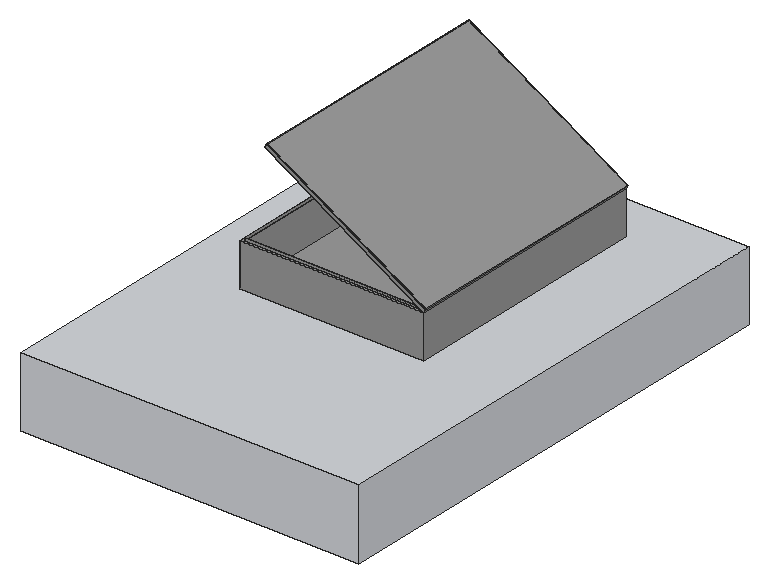
Revit family "Hager-Univers-IP54-D205-H1100-Cl.II-Encl-CH-de", category Equipement électrique, Revit 2020
Family settings
  Hôte = Face
  Configuration du panneau = Deux colonnes, circuits au sein
  Cote de connecteur circulaire = Utiliser le diamètre
  Type d'élément = Tableau de raccordement
  Couper avec des vides une fois chargée = Non
  Partagée = Non
  Point de calcul de pièce = Non
Parameters (values of type "Aufputz IP54 B800 H1100 T205  - FP73QSW")
  Width Control [instance] = if([EF000008 - Breite] > Min Width, [EF000008 - Breite], Min Width)  # 800 mm
  Commentaires du type = [HG000003 - Bereich]  # "Univers"
  Thickness Door [instance] = if([EF009171 - Materialstärke Tür/Deckel] > 3 mm, 3 mm, [EF009171 - Materialstärke Tür/Deckel])  # 1 mm
  Seal Frame Offset [instance] = 17 mm  # constant formula
  Plinth Visibility [instance] = [HG000027 - Sockelhöhe] > 0 mm  # no
  Model = ""
  Min Width [instance] = 100 mm  # constant formula
  Min Height [instance] = 100 mm  # constant formula
  Min Depth [instance] = (2 * [EF009170 - Materialstärke Gehäuse]) + 1 mm  # 3 mm
  Internal Frame Depth [instance] = (Door System Depth * 0.5)  # 9 mm
  Height Control [instance] = if([EF000040 - Höhe] > Min Height, [EF000040 - Höhe], Min Height)  # 1100 mm
  HG000027 - Sockelhöhe = 0 mm
  HG000026 - Stehend auf dem Boden = no
  HG000024 - Höhe des unteren Teils = 800 mm
  HG000023 - Gehäuse mit doppeltem Querschnitt = no
  HG000016 - 3D-Türsichtbarkeit [instance] = yes
  HG000015 - Sichtbarkeit der Türöffnung [instance] = no
  HG000014 - Tür rechts [instance] = yes
  HG000013 - Tür links [instance] = not([HG000014 - Tür rechts])  # no
  HG000012 - Türschwenkwinkel [instance] = 30.00°
  HG000010 - Asymmetrische Türen = no
  HG000009 - Doppelflügeligen Tür = no
  HG000006 - Unterputz = no
  HG000004 - Herstellerreferenz = "FP73QSW"
  HG000003 - Bereich = "Univers"
  HG000002 - Mit tür = yes
  Frame Offset Bottom [instance] = 10 mm  # constant formula
  Frame Offset [instance] = 15 mm  # constant formula
  EF015940 - Deckel mit Überdruckentlastung = no
  EF011959 - Schutzart (NEMA) = ""
  EF009554 - Anzahl der Öffnungen für Flanschplatten = 6
  Fabricant = "Hager"  # constant formula
  EF009212 - Ausführung Deckel = "EV000116 - geschlossen"
  EF009171 - Materialstärke Tür/Deckel = 1 mm
  EF009170 - Materialstärke Gehäuse = 1 mm
  EF008873 - Nennstrom (In) = 250 A
  EF007800 - Geeignet für Blitzschutz = no
  EF006306 - Mit Schloss = no
  EF006244 - Transparenter Deckel/Tür = no
  EF005474 - Schutzart (IP) = "EV006419 - IP54"
  EF004464 - Art der Tür = "EV002646 - Einzel"
  EF004427 - Anzahl der Module = 252
  EF004293 - Schlagfestigkeit = "EV006815 - IK09"
  EF003532 - Geeignet für Außengebrauch = no
  EF002950 - Breite in Teilungseinheiten = 36
  EF001613 - Funktionserhalt = "EV000494 - ohne"
  EF001596 - Werkstoff des Gehäuses = "EV000179 - Stahl"
  EF001131 - Innentiefe = 143 mm
  EF001088 - Anbaumöglichkeit = yes
  EF000437 - Anzahl der Leitungseinführungen = 6
  EF000339 - Art der Abdeckung = "EV001012 - Deckel"
  EF000266 - Anzahl der Reihen = 7
  EF000218 - Einbautiefe = 0 mm
  EF000118 - Mit Montageplatte = no
  EF000116 - RAL-Nummer = "9010"
  EF000049 - Tiefe = 205 mm
  EF000040 - Höhe = 1100 mm
  EF000008 - Breite = 800 mm
  EF000007 - Farbe = "EV000202 - weiß"
  EF000003 - Montageart = "EV000384 - Aufputz"
  Door System Leaf Tolerance [instance] = 1.5 mm  # constant formula
  Door System Depth [instance] = 18 mm  # constant formula
  Door Height [instance] = Height Control - [HG000027 - Sockelhöhe]  # 1100 mm
  Depth Control [instance] = if([EF000049 - Tiefe] > Min Depth, [EF000049 - Tiefe], Min Depth)  # 205 mm
  Default Elevation = 0 mm
  Connector Offset [instance] = Height Control / 2  # 550 mm
  Bottom Top Plate Trim [instance] = 1.5 mm  # constant formula
  Plinth height Ctrl [instance] = if([HG000027 - Sockelhöhe] > 0 mm, [HG000027 - Sockelhöhe], 12 mm)  # 12 mm
Types (5, lengths in mm): name | Width Control | HG000010 - Asymmetrische Türen | HG000009 - Doppelflügeligen Tür | HG000004 - Herstellerreferenz | EF009554 - Anzahl der Öffnungen für Flanschplatten | EF004464 - Art der Tür | EF004427 - Anzahl der Module | EF002950 - Breite in Teilungseinheiten | EF001131 - Innentiefe | EF000437 - Anzahl der Leitungseinführungen | EF000339 - Art der Abdeckung | EF000008 - Breite
  Aufputz IP54 B1050 H1100 T205  - FP74QSW | 1050 | no | no | "FP74QSW" | 8 | "EV003602 - Doppel" | 336 | 48 | 143 | 8 | "EV001012 - Deckel" | 1050
  Aufputz IP54 B1300 H1100 T205  - FP75QSW | 1300 | yes | yes | "FP75QSW" | 10 | "EV003602 - Doppel" | 420 | 60 | 130 | 10 | "EV004216 - Tür" | 1300
  Aufputz IP54 B300 H1100 T205  - FP71QSW | 300 | no | no | "FP71QSW" | 2 | "EV002646 - Einzel" | 84 | 12 | 130 | 2 | "EV004216 - Tür" | 300
  Aufputz IP54 B550 H1100 T205  - FP72QSW | 550 | no | no | "FP72QSW" | 4 | "EV002646 - Einzel" | 168 | 24 | 143 | 4 | "EV001012 - Deckel" | 550
  Aufputz IP54 B800 H1100 T205  - FP73QSW | 800 | no | no | "FP73QSW" | 6 | "EV002646 - Einzel" | 252 | 36 | 143 | 6 | "EV001012 - Deckel" | 800
Reference planes
  plane 1 "Center (Front/Back)": y = 0
  plane 2: z = 0
  plane 3 "Center (Left/Right)": x = 0
  plane 4: z = 205
  plane 5: y = 1
  plane 6: y = 550
  plane 7: y = 0
  plane 8: y = 1100
  plane 9: z = 0
  plane 10: x = -385
  plane 11: x = 385
  plane 12: x = 384
  plane 13: x = -384
  plane 14: y = 1099
  plane 15: x = -383
  plane 16: x = -400
  plane 17: x = 383
  plane 18: x = 400
  plane 19: x = 399
  plane 20: x = -399
  plane 21: y = 11
  plane 22: y = 1100
  plane 23: y = 1084
  plane 24: z = 187
  plane 25: z = 1
  plane 26: z = 186
  plane 27: z = 204
Forms (mm)
  Extrusion 1, solid
    sketch origin (0, 0, 0) x (1, 0, 0) y (0, 1, 0)
      loop
        line (-702.964, 1305) -> (-702.964, -811.445) -> (766.763, -811.445) -> (766.763, 1305) -> (-702.964, 1305)
    from 0 to -304.8
  Extrusion 2, solid, material "Hager_Steel_RAL7035_Light_Grey", visible <- "Plinth Visibility", detail levels medium+fine
    sketch origin (0, 0, 0) x (1, 0, 0) y (0, 1, 0)
      loop
        line (-400, 0) -> (400, 0) -> (400, 12) -> (-400, 12) -> (-400, 0)
    from 0 to 187
  Extrusion 3, solid, material "Hager_Steel_RAL7035_Light_Grey", detail levels medium+fine
    sketch origin (0, 0, 0) x (1, 0, 0) y (0, 1, 0)
      loop
        line (-400, 0) -> (400, 0) -> (400, 1100) -> (-400, 1100) -> (-400, 0)
    from 0 to 187
  Extrusion 4, void
    sketch origin (0, 0, 0) x (1, 0, 0) y (0, 1, 0)
      loop
        line (-399, 1) -> (399, 1) -> (399, 1099) -> (-399, 1099) -> (-399, 1)
    from 1 to 186
  Extrusion 5, void
    sketch origin (-381.607, -4572, 187) x (0, -1, 0) y (-1, 0, 0)
      loop
        line (-4583, 2.393) -> (-5656, 2.393) -> (-5656, -765.607) -> (-4583, -765.607) -> (-4583, 2.393)
    from 0 to 1 <- "EF009170 - Materialstärke Gehäuse"
  Extrusion 6, solid, material "Hager_Steel_RAL7035_Light_Grey", detail levels fine
    sketch origin (0, 0, 187) x (1, 0, 0) y (0, 1, 0)
      loop
        line (-384, 1084) -> (-384, 11) -> (384, 11) -> (384, 1084) -> (-384, 1084)
      loop
        line (-385, 10) -> (385, 10) -> (385, 1085) -> (-385, 1085) -> (-385, 10)
    from 0 to 9 <- "Internal Frame Depth"
  Extrusion 7, solid, material "Hager_Steel_RAL7035_Light_Grey", detail levels coarse
    sketch origin (0, 0, 0) x (1, 0, 0) y (0, 1, 0)
      loop
        line (-400, 0) -> (400, 0) -> (400, 1100) -> (-400, 1100) -> (-400, 0)
    from 0 to 205
  Sweep 8, void
    path in 3D
      loop
        line (-400, 12, 0) -> (400, 12, 0) -> (400, 12, 187) -> (-400, 12, 187) -> (-400, 12, 0)
    profile origin (-400, 12, 93.5) x (-1, 0, 0) y (0, -1, 0)
      loop
        line (0, 0) -> (0, 1.5) -> (-1.5, 1.5)
        arc (-1.5, 1.5) -> (-1.061, 0.439) -> (0, 0) r 1.5
Cuts and joins
  Extrusion 4, Extrusion 5 cuts Extrusion 3
  Sweep 8 cuts Extrusion 2
Lines and regions (mm)
  Masking region 1
    outline origin (0, 0, 0) x (1, 0, 0) y (0, 0, 1)
      loop
        line (-400, 205) -> (-400, 0) -> (400, 0) -> (400, 205) -> (-400, 205)
  Masking region 2, detail levels medium+fine
    outline origin (0, 140, 0) x (0, 1, 0) y (0, 0, 1)
      loop
        line (-140, 0) -> (960, 0) -> (960, 187) -> (-140, 187) -> (-140, 0)
  Masking region 3, not visible, detail levels medium+fine
    outline origin (0, 297.922, 0) x (0, 1, 0) y (0, 0, 1)
      loop
        line (263.578, 0) -> (303.578, 0) -> (303.578, 194)
        arc (303.578, 194) -> (300.649, 201.071) -> (293.578, 204) r 10
        line (293.578, 204) -> (263.578, 204) -> (263.578, 0)
  Masking region 4, detail levels coarse
    outline origin (0, 0, 180) x (0, 1, 0) y (0, 0, 1)
      loop
        line (0, -180) -> (1100, -180) -> (1100, 25) -> (0, 25) -> (0, -180)
  Masking region 5, visible <- "Plinth Visibility", detail levels medium+fine
    outline origin (0, 52.24, 12.345) x (0, 0, -1) y (0, 1, 0)
      loop
        line (10.845, -40.24) -> (-173.155, -40.24)
        arc (-173.155, -40.24) -> (-173.594, -41.301) -> (-174.655, -41.74) r 1.5
        line (-174.655, -41.74) -> (-174.655, -52.24) -> (12.345, -52.24) -> (12.345, -41.74)
        arc (12.345, -41.74) -> (11.285, -41.301) -> (10.845, -40.24) r 1.5
  Masking region 6, detail levels medium+fine
    outline origin (-381.607, -4572, 187) x (-1, 0, 0) y (0, -1, 0)
      loop
        line (18.393, -5672) -> (18.393, -4572) -> (-781.607, -4572) -> (-781.607, -5672) -> (18.393, -5672)
  Masking region 7, visible <- "Plinth Visibility", detail levels medium+fine
    outline origin (-381.607, -4727, 187) x (-1, 0, 0) y (0, -1, 0)
      loop
        arc (16.893, -4739) -> (17.332, -4737.939) -> (18.393, -4737.5) r 1.5
        line (18.393, -4737.5) -> (18.393, -4727) -> (-781.607, -4727) -> (-781.607, -4737.5)
        arc (-781.607, -4737.5) -> (-780.546, -4737.939) -> (-780.107, -4739) r 1.5
        line (-780.107, -4739) -> (16.893, -4739)
  Masking region 8, detail levels coarse
    outline origin (-442.548, -4669.526, 187) x (-1, 0, 0) y (0, -1, 0)
      loop
        line (-42.548, -5769.526) -> (-42.548, -4669.526) -> (-842.548, -4669.526) -> (-842.548, -5769.526) -> (-42.548, -5769.526)
  sketch lines
    curve 1: line (-400, 12, 187) -> (-400, 12, 0)
    curve 2: line (400, 12, 187) -> (-400, 12, 187)
    curve 3: line (400, 12, 187) -> (400, 12, 0)
    curve 4: line (-400, 12, 0) -> (400, 12, 0)
Dimensions and locks
  "Depth Control": plane 4 to Extrusion 1
  "HG000027 - Sockelhöhe": plane 1 "Center (Front/Back)" to plane 7
  "EF009170 - Materialstärke Gehäuse": plane 5 to plane 7
  locked: connector elem to plane 3 "Center (Left/Right)"
  equal spacing: plane 8, plane 6, plane 7
  locked: connector elem to plane 6
  "EF009170 - Materialstärke Gehäuse": plane 8 to plane 14
  "EF009170 - Materialstärke Gehäuse": plane 10 to plane 13
  "EF009170 - Materialstärke Gehäuse": plane 12 to plane 11
  "Frame Offset": plane 20 to plane 13
  "Frame Offset": plane 12 to plane 19
  "EF009170 - Materialstärke Gehäuse": plane 16 to plane 20
  "EF009170 - Materialstärke Gehäuse": plane 19 to plane 18
  "Seal Frame Offset": plane 16 to plane 15
  "Seal Frame Offset": plane 17 to plane 18
  "Frame Offset Bottom": plane 21 to plane 5
  "Frame Offset": plane 14 to plane 23
  equal spacing: plane 16, plane 3 "Center (Left/Right)", plane 18
  "Width Control": plane 16 to plane 18
  "EF009170 - Materialstärke Gehäuse": plane 4 to plane 27
  "EF009170 - Materialstärke Gehäuse": plane 24 to plane 26
  "EF009170 - Materialstärke Gehäuse": plane 25 to level
  "Door System Depth": plane 4 to plane 24
  "Height Control": plane 1 "Center (Front/Back)" to Extrusion 7 sketch curve
  "Height Control": Masking region 4 sketch curve to plane 1 "Center (Front/Back)"
  "Height Control": plane 1 "Center (Front/Back)" to plane 22
  "Bottom Top Plate Trim": profile plane to Sweep 8 sketch curve
  "Bottom Top Plate Trim": Sweep 8 sketch curve to profile plane
  "Plinth height Ctrl": plane 1 "Center (Front/Back)" to Extrusion 2 sketch curve
  "Plinth height Ctrl": Masking region 5 sketch curve to plane 1 "Center (Front/Back)"
  "Plinth height Ctrl": plane 1 "Center (Front/Back)" to Masking region 7 sketch curve
  "Thickness Door": Extrusion 6 sketch curve to Extrusion 6 sketch curve  (x3)
  "Thickness Door": cut or joined group of Extrusion 3, Extrusion 4, Extrusion 5 to Extrusion 6 sketch curve
  radius of Masking region 3 sketch curve = 10 mm
  "Bottom Top Plate Trim": radius of Masking region 5 sketch curve  (x2)
  "Bottom Top Plate Trim": radius of Sweep 8 sketch curve
  "Bottom Top Plate Trim": radius of Masking region 7 sketch curve  (x2)
  aligned and locked: plane 2 to Extrusion 1
  aligned and locked: level to Extrusion 1
  aligned and locked: level to Masking region 1 sketch curve
  aligned and locked: Masking region 1 sketch curve to plane 18
  aligned and locked: Masking region 1 sketch curve to plane 16
  aligned and locked: plane 7 to Masking region 2 sketch curve
  aligned and locked: level to Masking region 3 sketch curve
  aligned and locked: Masking region 3 sketch curve to plane 27
  aligned and locked: level to Masking region 2 sketch curve
  aligned and locked: plane 1 "Center (Front/Back)" to Extrusion 2 sketch curve
  aligned and locked: Extrusion 3 sketch curve to plane 7
  aligned and locked: plane 16 to Extrusion 3 sketch curve
  aligned and locked: plane 18 to Extrusion 3 sketch curve
  aligned and locked: plane 20 to Extrusion 4 sketch curve
  aligned and locked: plane 19 to Extrusion 4 sketch curve
  aligned and locked: Extrusion 4 sketch curve to plane 5
  aligned and locked: Extrusion 4 to plane 25
  aligned and locked: plane 26 to Extrusion 4
  aligned and locked: plane 24 to Extrusion 3
  aligned and locked: Extrusion 5 sketch curve to plane 21
  aligned and locked: Extrusion 5 sketch curve to plane 13
  aligned and locked: Extrusion 5 sketch curve to plane 12
  aligned and locked: plane 18 to Extrusion 7 sketch curve
  aligned and locked: plane 1 "Center (Front/Back)" to Extrusion 7 sketch curve
  aligned and locked: plane 16 to Extrusion 7 sketch curve
  aligned and locked: plane 4 to Extrusion 7
  aligned and locked: Extrusion 7 to level
  aligned and locked: level to Masking region 4 sketch curve
  aligned and locked: Masking region 4 sketch curve to plane 1 "Center (Front/Back)"
  aligned and locked: Masking region 4 sketch curve to plane 4
  aligned and locked: nested 1 to level
  aligned and locked: nested 1 to plane 16
  aligned and locked: plane 8 to Extrusion 3 sketch curve
  aligned and locked: plane 23 to Extrusion 5 sketch curve
  aligned and locked: plane 14 to Extrusion 4 sketch curve
  aligned and locked: Masking region 2 sketch curve to plane 8
  aligned and locked: level to Masking region 5 sketch curve
  aligned and locked: plane 16 to Extrusion 2 sketch curve
  aligned and locked: plane 18 to Extrusion 2 sketch curve
  aligned and locked: Masking region 5 sketch curve to plane 24
  aligned and locked: Masking region 2 sketch curve to plane 24
  aligned and locked: plane 24 to Extrusion 2
  aligned and locked: profile plane to Sweep 8 sketch curve  (x2)
  aligned and locked: Masking region 6 sketch curve to plane 18
  aligned and locked: Masking region 6 sketch curve to plane 22
  aligned and locked: Masking region 6 sketch curve to plane 16
  aligned and locked: plane 8 to plane 22
  aligned and locked: Masking region 6 sketch curve to plane 7
  aligned and locked: Masking region 7 sketch curve to plane 16
  aligned and locked: Masking region 7 sketch curve to plane 1 "Center (Front/Back)"
  aligned and locked: Masking region 7 sketch curve to plane 18
  aligned and locked: Masking region 8 sketch curve to plane 1 "Center (Front/Back)"
  aligned and locked: Masking region 8 sketch curve to plane 18
  aligned and locked: Masking region 8 sketch curve to plane 22
  aligned and locked: Masking region 8 sketch curve to plane 16
  aligned and locked: nested 2 to plane 7
  aligned and locked: plane 3 "Center (Left/Right)" to nested 2
  aligned and locked: nested 2 to plane 24
  aligned and locked: Extrusion 6 sketch curve to cut or joined group of Extrusion 3, Extrusion 4, Extrusion 5  (x4)
Automatic sketch dimensions
  Extrusion 1 sketch curve to Extrusion 1 sketch curve = 1469.727 mm
  Extrusion 1 sketch curve to Extrusion 1 sketch curve = 2116.445 mm
  Masking region 1 sketch curve to plane 4 = 0 mm
  plane 6 to Masking region 3 sketch curve = 11.5 mm
  Masking region 3 sketch curve to Masking region 3 sketch curve = 30 mm
  Masking region 5 sketch curve to plane 1 "Center (Front/Back)" = 0 mm
Nested families
  nested 1: "Hager_Enclosure_Symbol" at (-400, 0, 0) x (1, 0, 0) z (0, -1, 0), Height <- "Depth Control", Width <- "Width Control", type "Hager_Enclosure_Symbol"
    with Width_Ctrl 800 mm, Width 800 mm, Height_Ctrl 205 mm, Height 205 mm, A_Width_Int 13.453 mm, A_Width 161.438 mm, A_Height_Ctrl 179.375 mm, A_Height 179.375 mm
  nested 2: "EC000058_Univers_Door" at (0, 0, 187) x (1, 0, 0) z (0, 1, 0), Leaf_Tolerance <- "Door System Leaf Tolerance", Angle <- "HG000012 - Türschwenkwinkel", Door_Depth <- "Door System Depth", Door_Left <- "HG000013 - Tür links", Transparent <- "EF006244 - Transparenter Deckel/Tür", Assymetrical <- "HG000010 - Asymmetrische Türen", Width <- "Width Control", Clearance <- "HG000015 - Sichtbarkeit der Türöffnung", Double <- "HG000009 - Doppelflügeligen Tür", 3d_Door <- "HG000016 - 3D-Türsichtbarkeit", Lock_Visibility <- "EF006306 - Mit Schloss", Width_Ctrl <- "Width Control", Door_Right <- "HG000014 - Tür rechts", Door <- "HG000002 - Mit tür", Height <- "Door Height", Thickness <- "Thickness Door", type "EC000058_Univers_Door", detail levels medium+fine
    with min_wh 3 mm, Width_Ctrl 800 mm, Width 800 mm, Transparent no, Thickness 1 mm, Seal_Material Hager_Rubber, Lock_Visibility no, Lock_Material Hager_Plastic_RAL9005_Jet_Black, Leaf_Width 800 mm, Leaf_Tolerance_External_Sides 0 mm, Leaf_Tolerance 1.5 mm, Leaf_Offset 0 mm, Leaf_Height 1097 mm, Leaf_2_Width 800 mm, Leaf_2_Offset 400 mm, Leaf_1_Width 800 mm, Leaf_1_Offset 400 mm, Height_Ctrl 1100 mm, Height 1100 mm, Glass_Material Hager_Glass, Double_Clearance_Ctrl no, Double no, Door_Right_Ctrl yes, Door_Right yes, Door_Material Hager_Steel_RAL7035_Light_Grey, Door_Left_Ctrl no, Door_Left no, Door_Depth 18 mm, Door yes, Clearance_Material Hager_Clearance, Clearance_Depth 800 mm, Clearance_Ctrl no, Clearance no, Assymetrical no, Angle 30.00°, 3d_Door yes
Connectors
  electrical at (0, 550, 0)
    settings: on plane 9, index 1, voltage 0 V, apparent load 0 VA, apparent load phase1 0 VA, apparent load phase2 0 VA, apparent load phase3 0 VA, power factor 1, load classification "Other", number of poles 1, system type 30, power factor state 1, is connector primary yes, connector utility no, sub classification motor no, connector description ""
Definition of nested family "EC000058_Univers_Door"
  Parameters (values of type "EC000058_Univers_Door")
    min_wh [instance] = (2 * Thickness) + 1 mm  # 11 mm
    Width_Ctrl [instance] = 400 mm
    Width [instance] = 500 mm
    Transparent [instance] = yes
    Thickness [instance] = 5 mm
    Seal_Material [instance] = none
    Lock_Visibility [instance] = yes
    Lock_Material [instance] = none
    Leaf_Width [instance] = if((Width_Ctrl - 2 * Leaf_Tolerance_External_Sides) > 0 mm, (Width_Ctrl - 2 * Leaf_Tolerance_External_Sides), min_wh)  # 400 mm
    Leaf_Tolerance_External_Sides [instance] = 0 mm  # constant formula
    Leaf_Tolerance [instance] = 1.5 mm
    Leaf_Offset [instance] = 0 mm  # constant formula
    Leaf_Height [instance] = if((Height_Ctrl - 2 * Leaf_Tolerance) > 0 mm, (Height_Ctrl - 2 * Leaf_Tolerance), min_wh)  # 497 mm
    Leaf_2_Width [instance] = if(and(and(Double, Assymetrical), Door_Left), (Leaf_Width / 3) - (Leaf_Tolerance / 2), if(and(and(Double, Assymetrical), Door_Right), (Leaf_Width / 3) * 2 - (Leaf_Tolerance / 2), if(and(Double, not(Assymetrical)), (Leaf_Width / 2) - Leaf_Tolerance, Leaf_Width)))  # 400 mm
    Leaf_2_Offset [instance] = if(and(Double, Assymetrical), Leaf_2_Width / 2, if(and(Double, not(Assymetrical)), Leaf_Width / 4, Leaf_Width / 2))  # 200 mm
    Leaf_1_Width [instance] = if(and(and(Double, Assymetrical), Door_Right), (Leaf_Width / 3) - (Leaf_Tolerance / 2), if(and(and(Double, Assymetrical), Door_Left), (Width / 3) * 2 - (Leaf_Tolerance / 2), if(and(Double, not(Assymetrical)), (Leaf_Width / 2) - Leaf_Tolerance, Leaf_Width)))  # 400 mm
    Leaf_1_Offset [instance] = if(and(Double, Assymetrical), Leaf_1_Width / 2, if(and(Double, not(Assymetrical)), Leaf_Width / 4, Leaf_Width / 2))  # 200 mm
    Height_Ctrl [instance] = if(Height > min_wh, Height, min_wh)  # 500 mm
    Height [instance] = 500 mm
    Glass_Material [instance] = none
    Double_Clearance_Ctrl [instance] = and(Double, Clearance)  # no
    Double [instance] = no
    Door_Right_Ctrl [instance] = and(or(Door_Right, Double), Door)  # yes
    Door_Right [instance] = yes
    Door_Material [instance] = none
    Door_Left_Ctrl [instance] = and(or(Door_Left, Double), Door)  # no
    Door_Left [instance] = no
    Door_Depth [instance] = 30 mm
    Door [instance] = yes
    Default Elevation = 1219.2 mm
    Clearance_Material [instance] = none
    Clearance_Depth [instance] = if(Leaf_1_Width > Leaf_2_Width, Leaf_1_Width, Leaf_2_Width)  # 400 mm
    Clearance_Ctrl [instance] = and(not(Double), Clearance)  # yes
    Clearance [instance] = yes
    Assymetrical [instance] = yes
    Angle [instance] = 30.00°
    3d_Door [instance] = yes
  Reference planes
    plane 1 "Center (Front/Back)": y = 0
    plane 2 "Bottom": z = 0
    plane 3 "Center (Left/Right)": x = 0
    plane 4: z = 500
    plane 5: x = -200
    plane 6: x = 200
    plane 7: z = 500
    plane 8: x = -200
    plane 9: z = 0
    plane 10: x = 200
    plane 11: y = 0
    plane 12: z = 1.5
    plane 13: x = -600
    plane 14: y = -400
    plane 15: x = 600
    plane 16: x = 0
    plane 17: x = 0
    plane 18: x = -200
    plane 19: x = 200
    plane 20: z = 498.5
  Forms (mm)
    Extrusion 1, solid, material <- "Clearance_Material", visible <- "Double_Clearance_Ctrl"
      sketch origin (1200, 0, 0) x (1, 0, 0) y (0, 0, -1)
        loop
          line (-1800, -498.5) -> (-600, -498.5) -> (-600, 0) -> (-1800, 0) -> (-1800, -498.5)
      from 0 to -400
  Dimensions and locks
    equal spacing: plane 5, plane 3 "Center (Left/Right)", plane 6
    "Width_Ctrl": plane 5 to plane 6
    "Leaf_Offset": plane 5 to plane 8
    "Leaf_Offset": plane 6 to plane 10
    "Leaf_Offset": plane 9 to level
    "Leaf_Offset": plane 4 to plane 7
    "Height_Ctrl": plane 4 to level
    "Leaf_Tolerance": plane 12 to plane 9
    locked: plane 11 to plane 1 "Center (Front/Back)"
    "Leaf_1_Offset": plane 18 to plane 16
    "Leaf_2_Offset": plane 17 to plane 19
    "Leaf_1_Width": plane 13 to plane 8
    "Leaf_2_Width": plane 10 to plane 15
    "Clearance_Depth": plane 14 to plane 1 "Center (Front/Back)"
    "Leaf_Tolerance_External_Sides": plane 8 to plane 18
    "Leaf_Tolerance_External_Sides": plane 19 to plane 10
    "Leaf_Tolerance": plane 7 to plane 20
    aligned and locked: level to plane 2 "Bottom"
    aligned and locked: nested 1 to plane 16
    aligned and locked: nested 2 to plane 17
    aligned and locked: Extrusion 1 to plane 13
    aligned and locked: plane 15 to Extrusion 1
    aligned and locked: Extrusion 1 to plane 14
    aligned and locked: plane 12 to nested 1
    aligned and locked: nested 2 to plane 12
    aligned and locked: Extrusion 1 to plane 11
    aligned and locked: plane 20 to Extrusion 1
    aligned and locked: nested 2 to plane 11
    aligned and locked: nested 1 to plane 11
  Automatic sketch dimensions
    Extrusion 1 sketch curve to level = 0 mm
    plane 5 to Extrusion 1 sketch curve = 400 mm
    plane 6 to Extrusion 1 sketch curve = 400 mm
    Extrusion 1 sketch curve to plane 4 = 1.5 mm
  Nested families
    nested 1: "EC000058_Univers_Door_Leaf" at (0, 0, 1.5), Width <- "Leaf_1_Width", visible <- "Door_Left_Ctrl", Leaf_Height <- "Leaf_Height", Angle <- "Angle", 3d_Door <- "3d_Door", Transparent <- "Transparent", Clearance Material <- "Clearance_Material", Clearance <- "Clearance_Ctrl", Door_Material <- "Door_Material", Glass_Material <- "Glass_Material", Door_Depth <- "Door_Depth", Lock_Material <- "Lock_Material", Seal_Material <- "Seal_Material", Lock_Visibility <- "Lock_Visibility", Thickness <- "Thickness", type "EC000058_Univers_Door_Leaf"
      with Width 400 mm, Transparent_Glass_Offset 30 mm, Transparent_Ctrl yes, Transparent yes, Thickness 5 mm, Standard no, Seal_Material none, Seal_D2 8 mm, Seal_D1 1 mm, Offset_Internal_Frame 10 mm, Lock_Width 20 mm, Lock_Visibility_3d yes, Lock_Visibility yes, Lock_Thickness_3 3 mm, Lock_Thickness_2 1 mm, Lock_Thickness_1 3 mm, Lock_Radius_Offset_2 16 mm, Lock_Radius_Offset_1 15 mm, Lock_Radius_2 5 mm, Lock_Radius 6 mm, Lock_Offset 5 mm, Lock_Material none, Lock_Height 80 mm, Lock_Cover_Top_Offset_2d 17 mm, Lock_Cover_Height -65 mm, Leaf_Height 497 mm, Internal_Seal_Thickness 8 mm, Internal_Seal_Depth_2 4.5 mm, Internal_Frame_Depth 25 mm, Glass_Thickness -1 mm, Glass_Offset -2 mm, Glass_Material none, Door_Material none, Door_Depth 30 mm, Clearance Material none, Clearance yes, Angle_Ctrl 30.00°, Angle 30.00°, 3d_Door yes
    nested 2: "EC000058_Univers_Door_Leaf" at (0, 0, 1.5) x (-1, 0, 0) z (0, 0, 1), Width <- "Leaf_2_Width", visible <- "Door_Right_Ctrl", Leaf_Height <- "Leaf_Height", Angle <- "Angle", 3d_Door <- "3d_Door", Transparent <- "Transparent", Clearance Material <- "Clearance_Material", Clearance <- "Clearance_Ctrl", Door_Material <- "Door_Material", Glass_Material <- "Glass_Material", Door_Depth <- "Door_Depth", Lock_Material <- "Lock_Material", Seal_Material <- "Seal_Material", Lock_Visibility <- "Lock_Visibility", Thickness <- "Thickness", type "EC000058_Univers_Door_Leaf"
      with Width 400 mm, Transparent_Glass_Offset 30 mm, Transparent_Ctrl yes, Transparent yes, Thickness 5 mm, Standard no, Seal_Material none, Seal_D2 8 mm, Seal_D1 1 mm, Offset_Internal_Frame 10 mm, Lock_Width 20 mm, Lock_Visibility_3d yes, Lock_Visibility yes, Lock_Thickness_3 3 mm, Lock_Thickness_2 1 mm, Lock_Thickness_1 3 mm, Lock_Radius_Offset_2 16 mm, Lock_Radius_Offset_1 15 mm, Lock_Radius_2 5 mm, Lock_Radius 6 mm, Lock_Offset 5 mm, Lock_Material none, Lock_Height 80 mm, Lock_Cover_Top_Offset_2d 17 mm, Lock_Cover_Height -65 mm, Leaf_Height 497 mm, Internal_Seal_Thickness 8 mm, Internal_Seal_Depth_2 4.5 mm, Internal_Frame_Depth 25 mm, Glass_Thickness -1 mm, Glass_Offset -2 mm, Glass_Material none, Door_Material none, Door_Depth 30 mm, Clearance Material none, Clearance yes, Angle_Ctrl 30.00°, Angle 30.00°, 3d_Door yes
  Definition of nested family "EC000058_Univers_Door_Leaf"
    Parameters (values of type "EC000058_Univers_Door_Leaf")
      Width [instance] = 2000 mm
      Transparent_Glass_Offset [instance] = 30 mm
      Transparent_Ctrl [instance] = and(Transparent, [3d_Door])  # yes
      Transparent [instance] = yes
      Thickness [instance] = 5 mm
      Standard [instance] = and(not(Transparent), [3d_Door])  # no
      Seal_Material [instance] = none
      Seal_D2 [instance] = 8 mm  # constant formula
      Seal_D1 [instance] = 1 mm  # constant formula
      Offset_Internal_Frame [instance] = 10 mm  # constant formula
      Lock_Width [instance] = 20 mm  # constant formula
      Lock_Visibility_3d [instance] = and(Lock_Visibility, [3d_Door])  # yes
      Lock_Visibility [instance] = yes
      Lock_Thickness_3 [instance] = 3 mm  # constant formula
      Lock_Thickness_2 [instance] = 1 mm  # constant formula
      Lock_Thickness_1 [instance] = 3 mm  # constant formula
      Lock_Radius_Offset_2 [instance] = Lock_Radius_Offset_1 + 1 mm  # 16 mm
      Lock_Radius_Offset_1 [instance] = 15 mm  # constant formula
      Lock_Radius_2 [instance] = Lock_Radius - 1 mm  # 5 mm
      Lock_Radius [instance] = 6 mm  # constant formula
      Lock_Offset [instance] = 5 mm  # constant formula
      Lock_Material [instance] = none
      Lock_Height [instance] = 80 mm  # constant formula
      Lock_Cover_Top_Offset_2d [instance] = Lock_Radius_Offset_2 + 1 mm  # 17 mm
      Lock_Cover_Height [instance] = -(Lock_Height - Lock_Radius_Offset_1)  # -65 mm
      Leaf_Height [instance] = 2720.336 mm
      Internal_Seal_Thickness [instance] = 8 mm  # constant formula
      Internal_Seal_Depth_2 [instance] = 4.5 mm  # constant formula
      Internal_Frame_Depth [instance] = if(Door_Depth - Thickness > 5 mm, Door_Depth - Thickness, 5 mm)  # 25 mm
      Glass_Thickness [instance] = if(Thickness > 15 mm, Glass_Offset + 10 mm, -1 mm)  # -1 mm
      Glass_Offset [instance] = if(Thickness > 15 mm, -(Thickness + 10 mm) / 2, -2 mm)  # -2 mm
      Glass_Material [instance] = none
      Door_Material [instance] = none
      Door_Depth [instance] = 30 mm
      Default Elevation = 0 mm
      Clearance Material [instance] = none
      Clearance [instance] = yes
      Angle_Ctrl [instance] = if(Angle > 180.00°, 180.00°, Angle)  # 90.00°
      Angle [instance] = 90.00°
      3d_Door [instance] = yes
    Reference planes
      plane 1 "Center (Front/Back)": y = 0
      plane 2: z = 0
      plane 3 "Center (Left/Right)": x = 0
      plane 4: y = 2000
      plane 5: x = -1000
      plane 6: x = 1000
      plane 7: x = -3000
      plane 8: z = 2720.336
      plane 9: z = 30
      plane 10: z = 2690.336
      plane 11: x = 970
      plane 12: x = -970
      plane 13: y = -3
      plane 14: z = 107.833
      plane 15: y = -5
      plane 16: y = -223.314
      plane 17: x = -1000
      plane 18: z = 1360.168
      plane 19: y = 30
    Forms (mm)
      Extrusion 1, solid, material <- "Clearance Material", visible <- "Clearance"
        sketch origin (0, 0, 0) x (1, 0, 0) y (0, 0, 1)
          loop
            line (-3000, 2720.336) -> (-3000, 0) -> (1000, 0) -> (1000, 2720.336) -> (-3000, 2720.336)
        from 0 to -2000
      Extrusion 2, solid, material <- "Door_Material", visible <- "Standard", detail levels medium+fine
        sketch origin (-1000, 0, 0) x (0, 1, 0) y (-1, 0, 0)
          loop
            line (0, 30) -> (0, 25) -> (2000, 25) -> (2000, 30) -> (0, 30)
        from 0 to 2720.336 <- "Leaf_Height"
      Extrusion 3, solid, material <- "Door_Material", visible <- "Transparent_Ctrl", detail levels medium+fine
        sketch origin (-1000, 0, 0) x (0, 1, 0) y (-1, 0, 0)
          loop
            line (0, 25) -> (2000, 25) -> (2000, 30) -> (0, 30) -> (0, 25)
        from 0 to 2720.336 <- "Leaf_Height"
      Extrusion 4, void
        sketch origin (-1025, 2000, 0) x (0, 1, 0) y (0, 0, -1)
          loop
            line (-30, -2690.336) -> (-30, -30) -> (-1970, -30) -> (-1970, -2690.336) -> (-30, -2690.336)
        from 0 to 5 <- "Thickness"
      Sweep 5, solid, material <- "Seal_Material", visible <- "Transparent_Ctrl", detail levels fine
        path in 3D
          loop
            line (-1025, 30, 30) -> (-1025, 30, 2690.336) -> (-1025, 1970, 2690.336) -> (-1025, 1970, 30) -> (-1025, 30, 30)
        profile origin (-1025, 1000, 30) x (1, 0, 0) y (0, 0, 1)
          loop
            line (0, 0) -> (0, -8) -> (1, -8) -> (1, 0) -> (0, 0)
      Extrusion 6, solid, material <- "Glass_Material", visible <- "Transparent_Ctrl", detail levels medium+fine
        sketch origin (-1030, 0, 0) x (0, 1, 0) y (0, 0, -1)
          loop
            line (1970, -2690.336) -> (1970, -30) -> (30, -30) -> (30, -2690.336) -> (1970, -2690.336)
        from -2 <- "Glass_Offset" to -1 <- "Glass_Thickness"
      Extrusion 7, solid, material <- "Door_Material", visible <- "3d_Door", detail levels medium+fine
        sketch origin (-1025, 2000, 0) x (0, -1, 0) y (0, 0, -1)
          loop
            line (0, -2720.336) -> (2000, -2720.336) -> (2000, 0) -> (0, 0) -> (0, -2720.336)
          loop
            line (1995, -5) -> (5, -5) -> (5, -2715.336) -> (1995, -2715.336) -> (1995, -5)
        from 0 to 25 <- "Internal_Frame_Depth"
      Sweep 8, solid, material <- "Seal_Material", visible <- "Transparent_Ctrl", detail levels fine
        path in 3D
          loop
            line (-1025, 0, 0) -> (-1025, 2000, 0) -> (-1025, 2000, 2720.336) -> (-1025, 0, 2720.336) -> (-1025, 0, 0)
        profile origin (-1025, 0, 1360.168) x (1, 0, 0) y (0, 1, 0)
          loop
            line (0, 10) -> (2.975, 10)
            arc (2.975, 10) -> (4.053, 10.447) -> (4.5, 11.525) r 1.525
            line (4.5, 11.525) -> (4.5, 16.527)
            arc (4.5, 16.527) -> (4.069, 17.569) -> (3.027, 18) r 1.473
            line (3.027, 18) -> (0, 18) -> (0, 10)
      Extrusion 9, solid, material <- "Lock_Material", visible <- "Lock_Visibility_3d", detail levels fine
        sketch origin (-1030, 0, 0) x (0, 1, 0) y (0, 0, -1)
          loop
            arc (1993.5, -1400.168) -> (1994.561, -1399.729) -> (1995, -1398.668) r 1.5
            line (1995, -1398.668) -> (1995, -1320.168) -> (1975, -1320.168) -> (1975, -1398.668)
            arc (1975, -1398.668) -> (1975.439, -1399.729) -> (1976.5, -1400.168) r 1.5
            line (1976.5, -1400.168) -> (1993.5, -1400.168)
        from 3 <- "Lock_Thickness_1" to 0
      Blend 10, solid, material <- "Lock_Material", visible <- "Lock_Visibility_3d", detail levels fine
        base sketch origin (-1033, 0, 0) x (0, 1, 0) y (0, 0, -1)
          loop
            line (1975, -1320.168) -> (1975, -1398.668)
            arc (1975, -1398.668) -> (1975.439, -1399.729) -> (1976.5, -1400.168) r 1.5
            line (1976.5, -1400.168) -> (1993.5, -1400.168)
            arc (1993.5, -1400.168) -> (1994.561, -1399.729) -> (1995, -1398.668) r 1.5
            line (1995, -1398.668) -> (1995, -1320.168) -> (1975, -1320.168)
        top sketch origin (-1033, 0, 0) x (0, 1, 0) y (0, 0, -1)
          loop
            line (1976, -1320.168) -> (1976, -1398.668)
            arc (1976, -1398.668) -> (1976.146, -1399.022) -> (1976.5, -1399.168) r 0.5
            line (1976.5, -1399.168) -> (1993.5, -1399.168)
            arc (1993.5, -1399.168) -> (1993.854, -1399.022) -> (1994, -1398.668) r 0.5
            line (1994, -1398.668) -> (1994, -1320.168) -> (1976, -1320.168)
        from 0 to 1 <- "Lock_Thickness_2"
      Blend 11, solid, material <- "Lock_Material", visible <- "Lock_Visibility_3d", detail levels fine
        base sketch origin (-1034, 0, 0) x (0, 1, 0) y (0, 0, -1)
          loop
            line (1978, -1320.168) -> (1978, -1384.168)
            arc (1978, -1384.168) -> (1985, -1391.168) -> (1992, -1384.168) r 7
            line (1992, -1384.168) -> (1992, -1320.168) -> (1978, -1320.168)
        top sketch origin (-1034, 0, 0) x (0, 1, 0) y (0, 0, -1)
          loop
            line (1991, -1320.168) -> (1979, -1320.168) -> (1979, -1383.168)
            arc (1979, -1383.168) -> (1985, -1389.168) -> (1991, -1383.168) r 6
            line (1991, -1383.168) -> (1991, -1320.168)
        from 0 to 3 <- "Lock_Thickness_3"
      Extrusion 12, solid, material <- "Lock_Material", visible <- "Lock_Visibility_3d", detail levels fine
        sketch origin (-1030, 1975, 1320.168) x (1, 0, 0) y (0, -1, 0)
          loop
            line (-7, -19) -> (-7, -1) -> (0, -1) -> (0, 0) -> (-8, 0) -> (-8, -20) -> (0, -20) -> (0, -19) -> (-7, -19)
        from 0 to -65 <- "Lock_Cover_Height"
      Extrusion 13, void
        sketch origin (-1038, 1995, 1320.168) x (-1, 0, 0) y (0, 0, -1)
          loop
            line (-5, -65) -> (0, -65) -> (-5, -60) -> (-5, -65)
        from 0 to 20 <- "Lock_Width"
      Extrusion 14, void
        sketch origin (-1038, 1975, 1320.168) x (0, -1, 0) y (0, 0, -1)
          loop
            circle (-10, -15.995) r 6
          loop
            circle (-10, -15.995) r 5
        from 0 to 2
      Extrusion 15, solid, material <- "Lock_Material", visible <- "Lock_Visibility_3d", detail levels medium
        sketch origin (-1030, 0, 0) x (0, 1, 0) y (0, 0, -1)
          loop
            arc (1993.5, -1400.168) -> (1994.561, -1399.729) -> (1995, -1398.668) r 1.5
            line (1995, -1398.668) -> (1995, -1320.168) -> (1975, -1320.168) -> (1975, -1398.668)
            arc (1975, -1398.668) -> (1975.439, -1399.729) -> (1976.5, -1400.168) r 1.5
            line (1976.5, -1400.168) -> (1993.5, -1400.168)
        from 8 to 0
    Cuts and joins
      Extrusion 4 cuts Extrusion 3
      Extrusion 13, Extrusion 14 cuts Extrusion 9
      Extrusion 14 cuts Blend 11
      Extrusion 13, Extrusion 14 cuts Extrusion 12
      joined: Extrusion 9, Blend 10, Blend 11, Extrusion 12
      Extrusion 14 cuts Extrusion 15
    Lines and regions (mm)
      Masking region 1, visible <- "Lock_Visibility", detail levels fine
        outline origin (0, 0, 0) x (0, 1, 0) y (0, 0, 1)
          loop
            line (30, 1320.168) -> (33, 1320.168) -> (33, 1400.168) -> (30, 1400.168) -> (30, 1320.168)
      Masking region 2, visible <- "Lock_Visibility", detail levels fine
        outline origin (0, 3.143, 0) x (0, 1, 0) y (0, 0, 1)
          loop
            line (29.857, 1354.168) -> (30.857, 1354.168) -> (30.857, 1366.168) -> (29.857, 1366.168) -> (29.857, 1354.168)
      Masking region 3, detail levels medium+fine
        outline origin (0, 0, 0) x (0, 1, 0) y (0, 0, 1)
          loop
            line (0, 0) -> (30, 0) -> (30, 2720.336) -> (0, 2720.336) -> (0, 0)
      Masking region 4, detail levels medium+fine
        outline origin (0, 0, 0) x (1, 0, 0) y (0, 0, 1)
          loop
            line (-1000, 2720.336) -> (-1000, 0) -> (1000, 0) -> (1000, 2720.336) -> (-1000, 2720.336)
      Masking region 5, visible <- "Lock_Visibility", detail levels fine
        outline origin (-47.116, 0, 0) x (1, 0, 0) y (0, 0, 1)
          loop
            arc (1024.616, 1399.168) -> (1023.556, 1398.729) -> (1023.116, 1397.668) r 1.5
            line (1023.116, 1397.668) -> (1023.116, 1320.168) -> (1041.116, 1320.168) -> (1041.116, 1397.668)
            arc (1041.116, 1397.668) -> (1040.677, 1398.729) -> (1039.616, 1399.168) r 1.5
            line (1039.616, 1399.168) -> (1024.616, 1399.168)
      Masking region 6, visible <- "Lock_Visibility", detail levels medium+fine
        outline origin (-25, 0, 0) x (1, 0, 0) y (0, 0, 1)
          loop
            arc (1001.5, 1400.168) -> (1000.439, 1399.729) -> (1000, 1398.668) r 1.5
            line (1000, 1398.668) -> (1000, 1320.168) -> (1020, 1320.168) -> (1020, 1398.668)
            arc (1020, 1398.668) -> (1019.561, 1399.729) -> (1018.5, 1400.168) r 1.5
            line (1018.5, 1400.168) -> (1001.5, 1400.168)
      Masking region 7, visible <- "Lock_Visibility", detail levels fine
        outline origin (-73.735, 0, 0) x (1, 0, 0) y (0, 0, 1)
          loop
            line (1051.735, 1382.168) -> (1065.735, 1382.168) -> (1065.735, 1384.168)
            arc (1065.735, 1384.168) -> (1058.735, 1391.168) -> (1051.735, 1384.168) r 7
            line (1051.735, 1384.168) -> (1051.735, 1382.168)
      Masking region 8, visible <- "Lock_Visibility", detail levels fine
        outline origin (-73.735, 0, 0) x (1, 0, 0) y (0, 0, 1)
          loop
            line (1052.735, 1382.168) -> (1064.735, 1382.168) -> (1064.735, 1383.168)
            arc (1064.735, 1383.168) -> (1058.735, 1389.168) -> (1052.735, 1383.168) r 6
            line (1052.735, 1383.168) -> (1052.735, 1382.168)
      Masking region 9, visible <- "Lock_Visibility", detail levels fine
        outline origin (-25, 0, 0) x (1, 0, 0) y (0, 0, 1)
          loop
            line (1020, 1320.168) -> (1020, 1382.168) -> (1000, 1382.168) -> (1000, 1320.168) -> (1020, 1320.168)
      Masking region 10, detail levels medium+fine
        outline origin (0, 0, 0) x (1, 0, 0) y (0, 0, 1)
          loop
            circle (985, 1335.144) r 6
      Masking region 11, detail levels fine
        outline origin (0, 0, 0) x (1, 0, 0) y (0, 0, 1)
          loop
            circle (985, 1335.144) r 5
      Masking region 12, visible <- "Lock_Visibility", detail levels fine
        outline origin (0, 12.767, 0) x (0, 1, 0) y (0, 0, 1)
          loop
            line (20.233, 1320.168) -> (21.233, 1320.168) -> (21.233, 1399.168) -> (20.233, 1400.168) -> (20.233, 1320.168)
      Masking region 13, visible <- "Lock_Visibility", detail levels fine
        outline origin (0, 13.767, -10) x (0, 1, 0) y (0, 0, 1)
          loop
            line (20.233, 1330.168) -> (23.233, 1330.168) -> (23.233, 1399.168) -> (20.233, 1402.168) -> (20.233, 1330.168)
      Masking region 14, visible <- "Lock_Visibility", detail levels fine
        outline origin (0, 12.767, -10) x (0, 1, 0) y (0, 0, 1)
          loop
            line (20.233, 1330.168) -> (25.233, 1330.168) -> (25.233, 1399.305) -> (20.233, 1394.305) -> (20.233, 1330.168)
      Masking region 15, visible <- "Lock_Visibility", detail levels medium
        outline origin (0, 0, 0) x (0, 1, 0) y (0, 0, 1)
          loop
            line (30, 1320.168) -> (38, 1320.168) -> (38, 1400.168) -> (30, 1400.168) -> (30, 1320.168)
      Masking region 16, visible <- "Lock_Visibility", detail levels fine
        outline origin (-1000, 0, 0) x (0, 1, 0) y (-1, 0, 0)
          loop
            line (1975, 30) -> (1995, 30) -> (1995, 38) -> (1975, 38) -> (1975, 30)
          loop
            line (1979, 37) -> (1976, 37) -> (1976, 34) -> (1978, 34) -> (1979, 37)
          loop
            line (1994, 37) -> (1991, 37) -> (1992, 34) -> (1994, 34) -> (1994, 37)
      Masking region 17, visible <- "Lock_Visibility", detail levels medium
        outline origin (-1000, 0, 0) x (0, 1, 0) y (-1, 0, 0)
          loop
            line (1975, 30) -> (1995, 30) -> (1995, 38) -> (1975, 38) -> (1975, 30)
      symbolic lines
        curve 1: line (1000, 0, 0) -> (-3000, 0, 0)
        curve 2: arc (1000, 0, 0) -> (-1000, 2000, 0) -> (-3000, 0, 0) r 2000
        curve 4: line (-1030, 0, 0) -> (-1030, 2000, 0)
      reference lines
        curve 3: line (-1000, 0, 0) -> (-1000, 2000, 0)
      symbolic lines, detail levels medium+fine
        curve 5: line (-1030, 2000, 0) -> (-1025, 2000, 0)
        curve 7: line (-1025, 0, 0) -> (-1030, 0, 0)
        curve 8: line (-1025, 0, 0) -> (-1000, 0, 0)
        curve 9: line (-1000, 0, 0) -> (-1000, 2000, 0)
        curve 10: line (-1000, 2000, 0) -> (-1025, 2000, 0)
      symbolic lines, detail levels fine
        curve 6: line (-1025, 2000, 0) -> (-1025, 0, 0)
      sketch lines
        curve 11: line (-1025, 0, 2720.336) -> (-1025, 0, 0)
        curve 12: line (-1025, 2000, 0) -> (-1025, 0, 0)
        curve 13: line (-1025, 2000, 2720.336) -> (-1025, 2000, 0)
        curve 14: line (-1025, 0, 2720.336) -> (-1025, 2000, 2720.336)
        curve 15: line (-1025, 1970, 30) -> (-1025, 30, 30)
        curve 16: line (-1025, 30, 30) -> (-1025, 30, 2690.336)
        curve 17: line (-1025, 1970, 2690.336) -> (-1025, 1970, 30)
        curve 18: line (-1025, 30, 2690.336) -> (-1025, 1970, 2690.336)
      symbolic lines, visible <- "Transparent", detail levels medium+fine
        curve 19: line (-970, 0, 2690.336) -> (970, 0, 2690.336)
        curve 20: line (-970, 0, 30) -> (-970, 0, 2690.336)
        curve 21: line (970, 0, 30) -> (-970, 0, 30)
        curve 22: line (970, 0, 2690.336) -> (970, 0, 30)
    Dimensions and locks
      "Width": plane 1 "Center (Front/Back)" to plane 4
      equal spacing: plane 5, plane 3 "Center (Left/Right)", plane 6
      "Width": plane 5 to plane 6
      "Width": plane 7 to plane 5
      "Leaf_Height": plane 8 to level
      "Width": curve 5 to curve 3
      "Width": curve 3 to curve 3
      plane 8 to plane 10 = 30 mm
      plane 9 to level = 30 mm
      plane 12 to plane 5 = 30 mm
      plane 6 to plane 11 = 30 mm
      Extrusion 1 to Extrusion 4 sketch curve = 30 mm
      "Transparent_Glass_Offset": curve 3 to Extrusion 4 sketch curve
      "Transparent_Glass_Offset": Extrusion 4 sketch curve to cut or joined group of Extrusion 3, Extrusion 4  (x2)
      cut or joined group of Extrusion 3, Extrusion 4 to Extrusion 6 sketch curve = 30 mm
      "Transparent_Glass_Offset": cut or joined group of Extrusion 3, Extrusion 4 to Extrusion 4 sketch curve
      "Thickness": curve 6 to curve 4
      "Thickness": Extrusion 7 sketch curve to Extrusion 7 sketch curve  (x4)
      "Door_Depth": curve 4 to curve 3
      "Offset_Internal_Frame": profile plane to Sweep 8 sketch curve
      "Internal_Seal_Thickness": Sweep 8 sketch curve to Sweep 8 sketch curve
      "Internal_Seal_Depth_2": profile plane to Sweep 8 sketch curve
      "Seal_D1": profile plane to Sweep 5 sketch curve
      "Seal_D2": profile plane to Sweep 5 sketch curve
      "Thickness": Extrusion 2 sketch curve to Extrusion 2 sketch curve
      equal spacing: Extrusion 9 sketch curve, plane 18, Extrusion 9 sketch curve  (x2)
      equal spacing: Masking region 1 sketch curve, plane 18, Masking region 1 sketch curve
      "Lock_Height": Masking region 1 sketch curve to Masking region 1 sketch curve
      "Lock_Radius": Masking region 2 sketch curve to plane 18 to Masking region 2 sketch curve
      Masking region 2 sketch curve to Masking region 1 = 1 mm
      "Door_Depth": plane 19 to plane 1 "Center (Front/Back)"
      "Lock_Thickness_1": Masking region 1 sketch curve to plane 19
      "Lock_Width": Extrusion 9 sketch curve to Extrusion 9 sketch curve
      "Lock_Height": Extrusion 9 sketch curve to Extrusion 9 sketch curve
      "Lock_Offset": cut or joined group of Extrusion 3, Extrusion 4 to Extrusion 9 sketch curve
      equal spacing: plane 8, plane 18, level
      "Lock_Radius_Offset_1": Blend 11 sketch curve to Blend 10
      locked: Blend 10 to Blend 11 sketch curve at 2  (x2)
      locked: var sketch to Blend 11 sketch curve at 1  (x2)
      "Lock_Radius_Offset_2": Blend 11 sketch curve to Blend 10
      locked: Extrusion 12 sketch curve to Extrusion 12 sketch curve at 1  (x3)
      Masking region 6 sketch curve to Masking region 6 sketch curve = 80 mm
      "Lock_Height": Masking region 6 sketch curve to Masking region 6 sketch curve
      "Lock_Width": Masking region 6 sketch curve to Masking region 6 sketch curve
      locked: Masking region 6 to Masking region 5 sketch curve at 1  (x3)
      locked: Masking region 5 to Masking region 7 sketch curve at 2  (x2)
      "Lock_Radius_Offset_1": Masking region 5 to Masking region 7 sketch curve
      "Lock_Radius_Offset_2": Masking region 5 to Masking region 8 sketch curve
      locked: Masking region 7 to Masking region 8 sketch curve at 1  (x2)
      "Lock_Cover_Top_Offset_2d": Masking region 5 to Masking region 9 sketch curve
      equal spacing: Masking region 9, Masking region 10 sketch curve, Masking region 9
      equal spacing: Masking region 9, Masking region 11 sketch curve, Masking region 9
      Extrusion 15 sketch curve to Extrusion 15 sketch curve = 80 mm
      "Lock_Width": Extrusion 15 sketch curve to Extrusion 15 sketch curve
      "Lock_Height": Extrusion 15 sketch curve to Extrusion 15 sketch curve
      equal spacing: Extrusion 15 sketch curve, plane 18, Extrusion 15 sketch curve
      "Lock_Thickness_3": Masking region 13 sketch curve to Masking region 13 sketch curve
      "Lock_Height": Masking region 12 sketch curve to Masking region 12 sketch curve
      locked: Masking region 13 sketch curve to Masking region 1 at 8
      locked: Masking region 14 sketch curve to Masking region 13 at 1
      locked: Masking region 14 sketch curve to Masking region 1 at 10.863
      "Lock_Height": Masking region 15 sketch curve to Masking region 15 sketch curve
      "Lock_Offset": Extrusion 15 sketch curve to cut or joined group of Extrusion 3, Extrusion 4
      "Lock_Offset": plane 6 to Masking region 6 sketch curve
      radius of Sweep 8 sketch curve = 1.525 mm
      radius of Sweep 8 sketch curve = 1.473 mm
      radius of Extrusion 9 sketch curve = 1.5 mm  (x2)
      "Lock_Radius": radius of Extrusion 14 sketch curve
      "Lock_Radius_2": radius of Extrusion 14 sketch curve
      "Lock_Radius": radius of Masking region 10 sketch curve
      "Lock_Radius_2": radius of Masking region 11 sketch curve
      radius of Extrusion 15 sketch curve = 1.5 mm  (x2)
      "Angle_Ctrl": angle plane 1 "Center (Front/Back)" to curve 3
      locked: Masking region 12 sketch curve to Masking region 12 sketch curve (angle 45.00°)
      locked: Masking region 13 sketch curve to Masking region 13 sketch curve (angle 45.00°)
      locked: Masking region 14 sketch curve to Masking region 14 sketch curve (angle 45.00°)
      aligned and locked: level to plane 2
      aligned and locked: Extrusion 1 to curve 1
      aligned and locked: plane 6 to Extrusion 1
      aligned and locked: Extrusion 1 to plane 1 "Center (Front/Back)"
      aligned and locked: plane 4 to Extrusion 1
      aligned and locked: plane 8 to Extrusion 1
      aligned and locked: curve 7 to Extrusion 2 sketch curve
      aligned and locked: curve 5 to Extrusion 2 sketch curve
      aligned and locked: curve 7 to Extrusion 3 sketch curve
      aligned and locked: Extrusion 3 sketch curve to curve 4
      aligned and locked: Extrusion 3 sketch curve to curve 6
      aligned and locked: Extrusion 3 sketch curve to curve 5
      aligned and locked: curve 9 to curve 3
      aligned and locked: Extrusion 7 sketch curve to cut or joined group of Extrusion 3, Extrusion 4  (x4)
      aligned and locked: plane 17 to curve 3
      aligned and locked: plane 1 "Center (Front/Back)" to curve 3
      aligned and locked: plane 17 to plane 5
      aligned and locked: Sweep 8 sketch curve to profile plane
      aligned and locked: Sweep 5 sketch curve to profile plane  (x2)
      aligned and locked: Masking region 1 to Masking region 2 sketch curve
      aligned and locked: plane 19 to Masking region 1 sketch curve
      aligned and locked: plane 1 "Center (Front/Back)" to Masking region 3 sketch curve
      aligned and locked: plane 19 to Masking region 3 sketch curve
      aligned and locked: level to Masking region 3 sketch curve
      aligned and locked: Masking region 3 sketch curve to plane 8
      aligned and locked: plane 17 to Masking region 4 sketch curve
      aligned and locked: level to Masking region 4 sketch curve
      aligned and locked: Masking region 4 sketch curve to plane 8
      aligned and locked: plane 12 to curve 20
      aligned and locked: plane 10 to curve 19
      aligned and locked: plane 11 to curve 22
      aligned and locked: curve 21 to plane 9
      aligned and locked: Extrusion 2 sketch curve to cut or joined group of Extrusion 3, Extrusion 4
      aligned and locked: Blend 10 sketch curve to Extrusion 9  (x4)
      aligned and locked: Extrusion 9 to Blend 10 sketch curve
      aligned and locked: Blend 10 to Blend 11 sketch curve
      aligned and locked: Extrusion 12 sketch curve to Blend 11
      aligned and locked: Extrusion 12 sketch curve to Extrusion 9  (x4)
      aligned and locked: Masking region 5 sketch curve to Masking region 6
      aligned and locked: Masking region 9 sketch curve to Masking region 6  (x3)
      aligned and locked: Masking region 12 sketch curve to Masking region 1
      aligned and locked: Masking region 13 sketch curve to Masking region 1
      aligned and locked: Masking region 12 to Masking region 14
      aligned and locked: Masking region 14 sketch curve to Masking region 1
      aligned and locked: Masking region 15 sketch curve to Masking region 14
      aligned and locked: Masking region 13 sketch curve to Masking region 12
      aligned and locked: Masking region 16 sketch curve to cut or joined group of Extrusion 14, Extrusion 15  (x4)
      aligned and locked: Masking region 16 sketch curve to cut or joined group of Extrusion 9, Blend 10, Blend 11, Extrusion 12, Extrusion 13, Extrusion 14  (x6)
      aligned and locked: cut or joined group of Extrusion 9, Blend 10, Blend 11, Extrusion 12, Extrusion 13, Extrusion 14 to Masking region 16 sketch curve
      aligned and locked: Masking region 17 sketch curve to cut or joined group of Extrusion 14, Extrusion 15  (x3)
      aligned and locked: Masking region 17 sketch curve to cut or joined group of Extrusion 9, Blend 10, Blend 11, Extrusion 12, Extrusion 13, Extrusion 14
      aligned and locked: Masking region 9 to Masking region 8 sketch curve
      aligned and locked: Masking region 9 to Masking region 7 sketch curve
    Automatic sketch dimensions
      plane 1 "Center (Front/Back)" to curve 2 = 0 mm
      curve 2 to plane 5 = 0 mm
      Extrusion 1 sketch curve to level = 0 mm
      Extrusion 1 sketch curve to plane 7 = 0 mm
      Extrusion 1 sketch curve to plane 6 = 0 mm
      Extrusion 1 sketch curve to plane 8 = 0 mm
      Extrusion 3 to Extrusion 6 sketch curve = 30 mm  (x4)
      Masking region 4 sketch curve to plane 6 = 0 mm
      Blend 10 sketch curve to Extrusion 9 = 1.5 mm
      Blend 10 sketch curve to Extrusion 9 = 1 mm
      Extrusion 13 sketch curve to Extrusion 12 = 0 mm  (x2)
      Extrusion 12 to Extrusion 13 sketch curve = 3 mm
      Extrusion 13 sketch curve to Extrusion 12 = 5 mm
      Extrusion 14 sketch curve to Extrusion 14 sketch curve = 0 mm  (x2)
      Extrusion 14 sketch curve to Extrusion 12 = 10 mm
      Extrusion 14 sketch curve to Extrusion 12 = 15.995 mm
      Masking region 5 sketch curve to Masking region 5 sketch curve = 1.5 mm  (x2)
      Masking region 10 sketch curve to plane 18 = 25.024 mm
      Masking region 11 sketch curve to plane 18 = 25.024 mm
      plane 19 to Masking region 14 sketch curve = 3 mm
      Masking region 16 sketch curve to Masking region 16 sketch curve = 3 mm
      curve 4 to curve 3 = 0 mm
      Blend 10 to Blend 11 sketch curve = 0 mm
      Masking region 6 sketch curve to Masking region 6 sketch curve = 1.5 mm  (x2)
      Masking region 6 sketch curve to plane 18 = 40 mm
      plane 19 to Masking region 12 sketch curve = 3 mm
      Masking region 12 sketch curve to Masking region 12 sketch curve = 1 mm
      Masking region 15 sketch curve to plane 19 = 0 mm
      Masking region 15 sketch curve to plane 18 = 40 mm
      radius of Blend 10 sketch curve to Extrusion 9 = 1 mm
Definition of nested family "Hager_Enclosure_Symbol"
  Parameters (values of type "Hager_Enclosure_Symbol")
    Width_Ctrl [instance] = if(Width > 1 mm, Width, 1 mm)  # 102.27 mm
    Width [instance] = 102.27 mm
    Height_Ctrl [instance] = if(Height > 1 mm, Height, 1 mm)  # 66.5 mm
    A_Width_Int [instance] = if(A_Width / 12 > 2 mm, A_Width / 12, 2 mm)  # 4.364 mm
    A_Width [instance] = if(A_Height_Ctrl * 0.9 > 2 mm, A_Height_Ctrl * 0.9, 2 mm)  # 52.369 mm
    A_Height_Ctrl [instance] = if(A_Height > 2 mm, A_Height, 2 mm)  # 58.188 mm
    Height [instance] = 66.5 mm
    A_Height [instance] = Height - (Height / 8)  # 58.188 mm
  Reference planes
    plane 1 "Centre (avant/arrière)": y = 0
    plane 2: z = 0
    plane 3 "Centre (gauche/droite)": x = 0
    plane 4: x = 52.369
    plane 5: y = 33.042
    plane 6: y = 41.77
    plane 7: y = 66.5
    plane 8: x = 26.184
    plane 9: y = 37.406
    plane 10: x = 102.27
    plane 11: y = 66.5
    plane 12: y = 8.313
  Lines and regions (mm)
    Filled region 1, type "Solid_Black", in view "Niveau de réf."
      outline origin (0, 0, 0) x (1, 0, 0) y (0, 1, 0)
        loop
          line (52.369, 66.5) -> (33.188, 54.536) -> (45.365, 45.006) -> (52.369, 66.5)
    Filled region 2, type "Solid_Black", in view "Niveau de réf."
      outline origin (0, 0, 0) x (1, 0, 0) y (0, 1, 0)
        loop
          line (0, 0) -> (102.27, 0) -> (102.27, 66.5) -> (0, 0)
    detail lines, in view "Niveau de réf."
      curve 1: line (0, 8.313, 0) -> (26.184, 41.77, 0)
      curve 2: line (26.184, 41.77, 0) -> (26.184, 33.042, 0)
      curve 3: line (26.184, 33.042, 0) -> (52.369, 66.5, 0)
  Dimensions and locks
    "A_Width": plane 3 "Centre (gauche/droite)" to plane 4
    equal spacing: plane 3 "Centre (gauche/droite)", plane 8, plane 4
    equal spacing: plane 6, plane 9, plane 5
    equal spacing: curve 3, Filled region 1 sketch curve, Filled region 1 sketch curve
    "Height_Ctrl": plane 1 "Centre (avant/arrière)" to plane 11
    "A_Height_Ctrl": plane 11 to plane 12
    equal spacing: plane 11, plane 9, plane 12
    "A_Width_Int": plane 6 to plane 9
    "Width_Ctrl": plane 3 "Centre (gauche/droite)" to plane 10
    angle Filled region 1 sketch curve to curve 3 = 20.00°
    angle curve 3 to Filled region 1 sketch curve = 20.00°
    locked: curve 3 to Filled region 1 sketch curve (angle 90.00°)
    aligned and locked: plane 10 to Filled region 2
    aligned and locked: plane 11 to Filled region 2 sketch curve
    aligned and locked: plane 10 to Filled region 2 sketch curve
    aligned and locked: plane 3 "Centre (gauche/droite)" to curve 1
    aligned and locked: plane 12 to curve 1
    aligned and locked: plane 7 to plane 11
  Automatic sketch dimensions
    Filled region 1 sketch curve to plane 4 = 0 mm
    Filled region 1 sketch curve to plane 7 = 0 mm
    plane 1 "Centre (avant/arrière)" to Filled region 2 sketch curve = 0 mm
    Filled region 2 sketch curve to plane 3 "Centre (gauche/droite)" = 0 mm
    curve 2 to plane 6 = 0 mm
    curve 2 to plane 8 = 0 mm
    curve 3 to plane 4 = 0 mm
    curve 2 to plane 5 = 0 mm
    curve 3 to plane 7 = 0 mm
